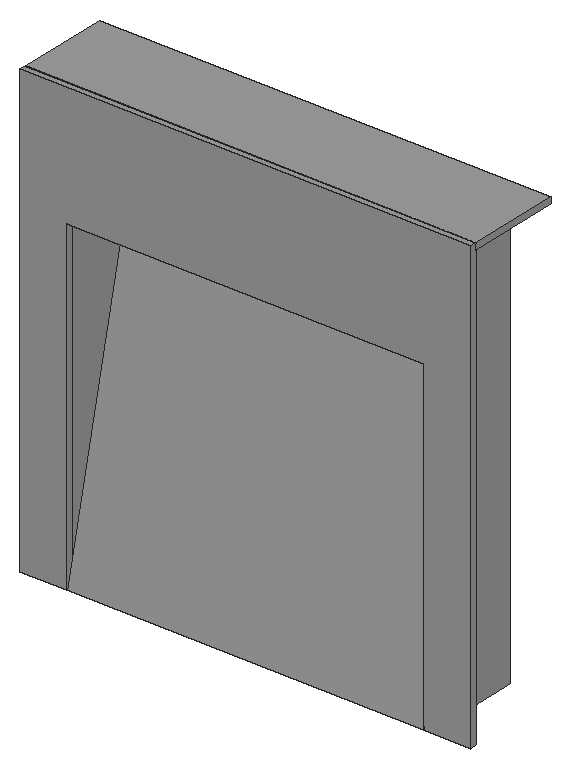
Revit family "PLK_TEAM Medium Small PROVA", category Apparecchi per illuminazione, Revit 2017
Family settings
  Quota connettore circolare = Usa diametro
  Tipo di parte = Normale
  Basato su piano di lavoro = No
  Sempre verticale = Sì
  Taglio con vuoti quando caricato = No
  Sorgente d'illuminazione = Sì
  Condiviso = No
  Punto di calcolo locali = No
Parameters (values of type "3480119_8W_LED_3000K_L140mm")
  Wattage = 2.65918 W
  L140_260 = yes
  L = if(L140_260, 140.000 mm, 260.000 mm)  # 140.000 mm
  Grey = PLK_Grey
  Variazione temperatura colore lampada con luminosità attenuata = <Nessuno>
  URL = "www.platek.eu"
  built-in parameter 1150107 = 3000 (stored number, unit not read)
  Supply Voltage Min = 220 V
  Supply Voltage Max = 240 V
  Supply Voltage = 230 V
  Rendi la forma visibile nel rendering = no
  Produttore = "PLATEK SRL"  # constant formula
  Product Page URL = "http://www.platek.eu/ita/catalogo.php?catseaname=TEAM"
  Product Documentation Link = "http://www.platek.eu/ita/catalogo.php?catseaname=TEAM"
  Product Dimension = "(L140xW30xH140)mm"
  Power Supply Unit = "Included"
  built-in parameter 1150110 = 1 (stored number, unit not read)
  built-in parameter 1150109 = 1 (stored number, unit not read)
  built-in parameter 1114218 = 1 (stored number, unit not read)
  built-in parameter 1150112 = 1 (stored number, unit not read)
  PLATEK Article Code = "3480119"
  Nota chiave = "Other LED colors available on request"
  Emetti da lunghezza rettangolo = 110.000 mm
  Emetti da larghezza rettangolo = 28.000 mm
  E30.5_90.5 = yes
  E = if(E30.5_90.5, 30.500 mm, 90.500 mm)  # 30.500 mm
  Beam Angle = "55.4°x82°"
  Mounting Type = "Wall"
  Modello = "TEAM"  # constant formula
  built-in parameter 1150137 = (empty or 0)
  built-in parameter 1150132 = 2
  Manufacturer Comment = "IP68 connector included"
  Luminaire Wattage = 8 W
  Luminaire Luminous Intensity = 302 cd
  Luminaire Luminous Flux = 395 lm
  Light Source = PLK_Light Source
  Lampada = "LED"
  LED Protection = "Surge protection included"
  built-in parameter 1150105 = 31.433 (stored number, unit not read)
  built-in parameter 1150102 = (empty or 0)
  Insulation Class = "1"
  Immagine tipo = team_small.jpg
  built-in parameter 1150106 = 0.31433 (stored number, unit not read)
  IP Rating = "IP65"
  IK Rating = "IK08"
  Frequency = "50/60 Hz"
  Lumens = 395 lm
  Color Filter = 16777215
  File diagramma fotometrico = "3480119.IES"
  built-in parameter 1114217 = 1 (stored number, unit not read)
  built-in parameter 1150139 = (empty or 0)
  Energy Efficiency Rating = "A/A+/A++"
  built-in parameter 1150104 = 13.8 (stored number, unit not read)
  built-in parameter 1150115 = 1 (stored number, unit not read)
  built-in parameter 1150114 = 1 (stored number, unit not read)
  built-in parameter 1150113 = 1 (stored number, unit not read)
  Dimmable = "TRIAC"
  Diffuse Type = "Polycarbonate"
  Descrizione = "Outdoor Lighting, Wall mounted"
  Commenti sul tipo = "Paths, Ramps, Steps"
  Colour Temperature = 3000 K
  built-in parameter 1150134 = (empty or 0)
  built-in parameter 1150138 = (empty or 0)
  Codice assieme = "3080119.06(Grey);3080119.01(Black);3080119.02(White);3080119.07(Corten);3080119.08(Anthracite);3080119.09(Bronze)"
  Apparent Load = 0 VA
  Cable Lenght = "Cable input max. Ø 7 mm"
  CRI = ">80"
  Tilt Angle = 90.00°
  built-in parameter 1150133 = 10 (stored number, unit not read)
Types (3, lengths in mm): name | Wattage | L140_260 | L | Product Dimension | PLATEK Article Code | Emetti da lunghezza rettangolo | E30.5_90.5 | E | Beam Angle | Luminaire Luminous Intensity | Luminaire Luminous Flux | built-in parameter 1150105 | Immagine tipo | built-in parameter 1150106 | Lumens | File diagramma fotometrico | Codice assieme
  (no name) | 2.65918 W | yes | 140.000 | "(L140xW30xH140)mm" | "3480119" | 110.000 | yes | 30.500 | "55.4°x82°" | 302 cd | 395 lm | 31.433 (stored number, unit not read) | team_small.jpg | 0.31433 (stored number, unit not read) | 395 lm | "3480119.IES" | "3080119.06(Grey);3080119.01(Black);3080119.02(White);3080119.07(Corten);3080119.08(Anthracite);3080119.09(Bronze)"
  3480119_8W_LED_3000K_L260mm | 6.0185 W | no | 260.000 | "(L260xW30xH140)mm" | "3480219" | 230.000 | no | 90.500 | "50.3° x 87°" | 725 cd | 894 lm | 71.142 (stored number, unit not read) | team_medium.jpg | 0.71142 (stored number, unit not read) | 894 lm | "3480219.IES" | "3080219.06(Grey);3080219.01(Black);3080219.02(White);3080219.07(Corten);3080219.08(Anthracite);3080219.09(Bronze)"
  3480119_8W_LED_3000K_L140mm | 2.65918 W | yes | 140.000 | "(L140xW30xH140)mm" | "3480119" | 110.000 | yes | 30.500 | "55.4°x82°" | 302 cd | 395 lm | 31.433 (stored number, unit not read) | team_small.jpg | 0.31433 (stored number, unit not read) | 395 lm | "3480119.IES" | "3080119.06(Grey);3080119.01(Black);3080119.02(White);3080119.07(Corten);3080119.08(Anthracite);3080119.09(Bronze)"
Reference planes
  plane 1 "Centro (Fronte/Retro)": y = 0
  plane 2: z = 0
  plane 3 "Centro (Sinistra/Destra)": x = 0
  plane 4: z = 32
  plane 5: y = -14.5
  plane 6: x = -25
  plane 7: x = 25
  plane 8: x = -55.5
  plane 9: x = 55.5
  plane 10: x = 57.5
  plane 11: x = -57.5
  plane 12: x = -70
  plane 13: x = 70
  plane 14: z = -70
  plane 15: z = 32
  plane 16: z = 70
Forms (mm)
  Extrusion 1, solid, material "PLK_Grey" <- "Grey"
    sketch origin (-36.356, -31, -1967.5) x (-1, 0, 0) y (0, 0, 1)
      loop
        line (19.144, 1999.5) -> (19.144, 1897.5) -> (33.644, 1897.5) -> (33.644, 2037.5) -> (-106.356, 2037.5) -> (-106.356, 1897.5) -> (-91.856, 1897.5) -> (-91.856, 1999.5) -> (19.144, 1999.5)
    from 0 to 2
  Extrusion 2, solid, material "PLK_Grey" <- "Grey"
    sketch origin (-36.356, -28.075, -1967.5) x (0, 0, -1) y (-1, 0, 0)
      loop
        line (-2037.5, 33.644) -> (-2037.5, -106.356) -> (-2035.5, -106.356) -> (-2035.5, 33.644) -> (-2037.5, 33.644)
    from -0.925 to 28.075
  Extrusion 3, solid, material "PLK_Grey" <- "Grey"
    sketch origin (-36.356, -29, -1967.5) x (0, 0, -1) y (-1, 0, 0)
      loop
        line (-1897.5, 19.144) -> (-1897.5, 21.144) -> (-2035.5, 21.144) -> (-2035.5, 19.144) -> (-1897.5, 19.144)
    from 0 to 29
  Extrusion 4, solid, material "PLK_Grey"
    sketch origin (-55.5, -29, 68) x (0, 0, -1) y (0, 1, 0)
      loop
        line (138, 29.012) -> (36, 29.012) -> (36, 21.864) -> (138, -2) -> (138, 29.012)
    from 0 to 111
  Extrusion 5, solid, material "PLK_Light Source" <- "Light Source", detail levels fine
    sketch origin (0, -75.925, -1967.687) x (0, 1, 0) y (0, 0, 1)
      loop
        line (75.925, 1999.687) -> (75.925, 2001.187) -> (46.925, 2001.187) -> (46.925, 1999.687) -> (75.925, 1999.687)
    from -55.5 to 0
  Extrusion 6, solid, material "PLK_Grey" <- "Grey"
    sketch origin (38.491, -29, -1967.5) x (0, 0, -1) y (-1, 0, 0)
      loop
        line (-1897.5, -19.009) -> (-1897.5, -17.009) -> (-2035.5, -17.009) -> (-2035.5, -19.009) -> (-1897.5, -19.009)
    from 0 to 29
  Extrusion 7, solid, material "PLK_Light Source" <- "Light Source", detail levels fine
    sketch origin (0, -75.925, -1967.687) x (0, 1, 0) y (0, 0, -1)
      loop
        line (75.925, -1999.687) -> (46.925, -1999.687) -> (46.925, -2001.187) -> (75.925, -2001.187) -> (75.925, -1999.687)
    from -55.5 to 0
  Extrusion 8, solid, material "PLK_Grey" <- "Grey", detail levels coarse
    sketch origin (0, 0, -40) x (-1, 0, 0) y (0, -1, 0)
      loop
        line (70, 31) -> (-70, 31) -> (-70, 0) -> (70, 0) -> (70, 31)
    from -30 to 110
Dimensions and locks
  equal spacing: plane 6, plane 3 "Centro (Sinistra/Destra)", plane 7
  plane 6 to plane 7 = 50.000 mm
  "E": plane 7 to plane 9
  "E": plane 8 to plane 6
  locked: plane 9 to plane 10 at 2
  locked: plane 11 to plane 8 at 2
  "L": plane 12 to plane 13
  locked: plane 12 to plane 11 at 12.5
  locked: plane 10 to plane 13 at 12.5
  plane 8 to plane 9 = 111.000 mm
  plane 15 to plane 14 = 102.000 mm
  plane 16 to plane 15 = 38.000 mm
  plane 16 to plane 14 = 140.000 mm
  aligned and locked: level to plane 2
  aligned and locked: imposter light to plane 4
  aligned and locked: imposter light to plane 5
  aligned and locked: plane 3 "Centro (Sinistra/Destra)" to imposter light
  aligned and locked: Extrusion 1 to Extrusion 2
  aligned and locked: Extrusion 2 to Extrusion 1
  aligned and locked: Extrusion 1 to Extrusion 4
  aligned and locked: Extrusion 3 to plane 8  (x2)
  aligned and locked: plane 8 to Extrusion 5
  aligned and locked: plane 9 to Extrusion 6
  aligned and locked: Extrusion 7 to plane 9
  aligned and locked: plane 11 to Extrusion 3  (x2)
  aligned and locked: Extrusion 6 to plane 10
  aligned and locked: plane 12 to Extrusion 2
  aligned and locked: plane 12 to Extrusion 1  (x4)
  aligned and locked: Extrusion 2 to plane 13
  aligned and locked: plane 8 to Extrusion 4
  aligned and locked: Extrusion 1 to plane 13
  aligned and locked: Extrusion 4 to plane 14
  aligned and locked: Extrusion 1 to plane 15
  aligned and locked: plane 16 to Extrusion 1
  aligned and locked: plane 16 to Extrusion 2
  aligned and locked: Extrusion 1 to Extrusion 7
  aligned and locked: Extrusion 4 to plane 9
  aligned and locked: Extrusion 7 to imposter light  (x2)
  aligned and locked: Extrusion 7 to Extrusion 1
  aligned and locked: Extrusion 5 to Extrusion 1
  aligned and locked: Extrusion 8 to Extrusion 1  (x2)
  aligned and locked: imposter light to Extrusion 5
Automatic sketch dimensions
  Extrusion 1 sketch curve to plane 4 = 0.000 mm
  Extrusion 1 sketch curve to plane 7 = 45.000 mm
  Extrusion 1 sketch curve to Extrusion 1 sketch curve = 14.500 mm  (x2)
  plane 6 to Extrusion 1 sketch curve = 30.500 mm
  Extrusion 1 sketch curve to level = 70.000 mm  (x2)
  plane 4 to Extrusion 1 sketch curve = 38.000 mm
  plane 4 to Extrusion 2 sketch curve = 38.000 mm
  Extrusion 2 sketch curve to Extrusion 2 sketch curve = 2.000 mm
  Extrusion 2 sketch curve to plane 7 = 45.000 mm
  plane 6 to Extrusion 2 sketch curve = 45.000 mm
  plane 4 to Extrusion 3 sketch curve = 36.000 mm
  Extrusion 3 sketch curve to level = 70.000 mm
  plane 6 to Extrusion 3 sketch curve = 30.500 mm
  Extrusion 3 sketch curve to Extrusion 3 sketch curve = 2.000 mm
  Extrusion 3 to Extrusion 4 sketch curve = 0.000 mm
  Extrusion 4 sketch curve to Extrusion 3 = 0.012 mm
  Extrusion 3 to Extrusion 4 sketch curve = 36.000 mm
  Extrusion 3 to Extrusion 4 sketch curve = 7.136 mm
  Extrusion 4 sketch curve to Extrusion 3 = 2.000 mm
  Extrusion 5 sketch curve to plane 4 = 0.000 mm
  Extrusion 5 sketch curve to plane 1 "Centro (Fronte/Retro)" = 0.000 mm
  plane 4 to Extrusion 5 sketch curve = 1.500 mm
  Extrusion 5 sketch curve to plane 5 = 14.500 mm
  plane 4 to Extrusion 6 sketch curve = 36.000 mm
  Extrusion 6 sketch curve to level = 70.000 mm
  Extrusion 6 sketch curve to plane 7 = 32.500 mm
  Extrusion 6 sketch curve to Extrusion 6 sketch curve = 2.000 mm
  Extrusion 7 sketch curve to plane 4 = 0.000 mm
  Extrusion 7 sketch curve to plane 1 "Centro (Fronte/Retro)" = 0.000 mm
  plane 4 to Extrusion 7 sketch curve = 1.500 mm
  Extrusion 7 sketch curve to plane 5 = 14.500 mm
  Extrusion 8 sketch curve to plane 13 = 0.000 mm
  plane 1 "Centro (Fronte/Retro)" to Extrusion 8 sketch curve = 0.000 mm
  Extrusion 8 sketch curve to plane 12 = 0.000 mm
  Extrusion 8 sketch curve to plane 5 = 16.500 mm
Connectors
  electrical at (57.5, -14.5, -1)
    settings: on Extrusion 6, index 1, voltage 0 V, apparent load 0 VA, apparent load phase1 0 VA, apparent load phase2 0 VA, apparent load phase3 0 VA, power factor 1, load classification "Autre", number of poles 1, system type 31, power factor state 1, is connector primary yes, connector utility no, sub classification motor no, connector description ""
